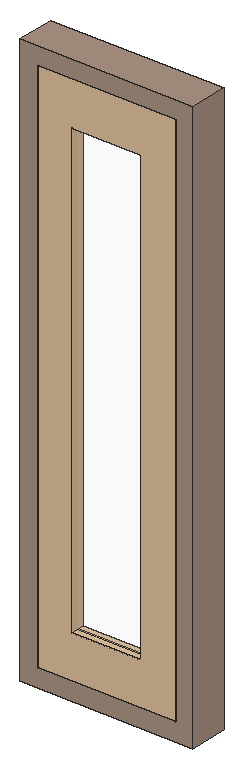
Revit family
Parameters (values of type "450x1500 mm")
  Top Rail = 100 mm
  Stile = 75 mm
  Material of Shutter = Shutter Material
  Material of Panel = Glass (2)
  Height = 1500 mm
  Frame Width = 60 mm
  Frame Depth = 100 mm
  Material of Frame = Frame Material
  Default Sill Height = 800 mm
  Wall Closure = (empty or 0)
  Width = 450 mm
  Bottom Rail = 100 mm
Types (4, lengths in mm): name | Width
  (no name) | 450
  600x1500 mm | 600
  450x1500 mm | 450
  750x1500 mm | 750
Reference planes
  plane 1: y = 0
  plane 2 "Center (Left/Right)": x = 0
  plane 3 "Left": x = -225
  plane 4 "Right": x = 225
  plane 5 "Sill": z = 800
  plane 6 "Head": z = 2300
  plane 7 "Exterior": y = 80
  plane 8 "Interior": y = -70
  plane 9: x = -165
  plane 10: x = 165
  plane 11: y = 50
  plane 12: y = -50
  plane 13: z = 2240
  plane 14: z = 860
  plane 15: x = -90
  plane 16: x = 90
  plane 17: z = 2140
  plane 18: z = 960
  plane 19: z = 1550
Forms (mm)
  Sweep 1, solid, material "Frame Material" <- "Material of Frame"
    path origin (0, 0, 0) x (1, 0, 0) y (0, 0, 1)
      loop
        line (-225, 800) -> (225, 800) -> (225, 2300) -> (-225, 2300) -> (-225, 800)
    profile origin (0, 0, 1550) x (-1, 0, 0) y (0, -1, 0)
      loop
        line (225, 50) -> (180, 50) -> (180, 15) -> (165, 15) -> (165, -50) -> (225, -50) -> (225, 50)
  Extrusion 2, solid, material "Shutter Material" <- "Material of Shutter"
    sketch origin (0, -50, 0) x (1, 0, 0) y (0, 0, 1)
      loop
        line (180, 2255) -> (-180, 2255) -> (-180, 845) -> (180, 845) -> (180, 2255)
      loop
        line (-90, 2140) -> (-90, 960) -> (90, 960) -> (90, 2140) -> (-90, 2140)
    from 0 to -35
  Extrusion 3, solid, material "Glass (2)" <- "Material of Panel"
    sketch origin (0, 0, 960) x (0, -1, 0) y (-1, 0, 0)
      loop
        line (30.5, -90) -> (34.5, -90) -> (34.5, 90) -> (30.5, 90) -> (30.5, -90)
    from 0 to -1180
Lines and regions (mm)
  Opening 1
    outline origin (3500, -70, 0) x (1, 0, 0) y (0, 0, 1)
      loop
        line (-3275, 800) -> (-3275, 2300) -> (-3725, 2300) -> (-3725, 800) -> (-3275, 800)
  symbolic lines, style "WindowsFrameMullionProjection", detail levels medium+fine
    curve 1: line (-165, 50, 0) -> (-225, 50, 0)
    curve 2: line (-225, 50, 0) -> (-225, -50, 0)
    curve 3: line (-225, -50, 0) -> (-180, -50, 0)
    curve 4: line (-180, -50, 0) -> (-180, -15, 0)
    curve 5: line (-180, -15, 0) -> (-165, -15, 0)
    curve 6: line (-165, -15, 0) -> (-165, 50, 0)
    curve 7: line (225, 50, 0) -> (165, 50, 0)
    curve 8: line (165, 50, 0) -> (165, -15, 0)
    curve 9: line (165, -15, 0) -> (180, -15, 0)
    curve 10: line (180, -15, 0) -> (180, -50, 0)
    curve 11: line (180, -50, 0) -> (225, -50, 0)
    curve 12: line (225, 50, 0) -> (225, -50, 0)
  symbolic lines, style "Elevation Swing"
    curve 13: line (-180, 0, 1550) -> (180, 0, 2255)
    curve 14: line (-180, 0, 1550) -> (180, 0, 845)
  symbolic lines, style "Plan Swing"
    curve 15: line (-180, -15, 0) -> (180, -15, 0)
    curve 16: line (-180, -50, 0) -> (180, -50, 0)
  symbolic lines, style "WindowsFrameMullionProjection", detail levels coarse
    curve 17: line (-180, -50, 0) -> (-225, -50, 0)
    curve 18: line (-180, 50, 0) -> (-180, -50, 0)
    curve 19: line (-225, 50, 0) -> (-180, 50, 0)
    curve 20: line (-225, -50, 0) -> (-225, 50, 0)
    curve 21: line (180, -50, 0) -> (225, -50, 0)
    curve 22: line (180, 50, 0) -> (180, -50, 0)
    curve 23: line (225, 50, 0) -> (180, 50, 0)
    curve 24: line (225, -50, 0) -> (225, 50, 0)
Text (mm)
  text "EXTERIOR" at (-1963.203, 1332.353, 0), in view "Ref. Level"
  text "INTERIOR" at (-1981.466, -818.386, 0), in view "Ref. Level"
  text "Exterior" at (0, 923.751, 2943.296), in view "Right"
  text "Exterior" at (0, 1040.484, 2685.409), in view "Left"
Dimensions and locks
  equal spacing: plane 3 "Left", plane 2 "Center (Left/Right)", plane 4 "Right"
  "Width": plane 3 "Left" to plane 4 "Right"
  "Height": plane 5 "Sill" to plane 6 "Head"
  "Default Sill Height": plane 5 "Sill" to level
  locked: plane 7 "Exterior" to host wall at 0
  locked: plane 8 "Interior" to host wall
  locked: Sweep 1 sketch curve to Sweep 1 sketch curve at 15
  locked: Sweep 1 sketch curve to Sweep 1 sketch curve at 35
  "Frame Width": plane 3 "Left" to plane 9
  "Frame Width": plane 10 to plane 4 "Right"
  equal spacing: plane 12, plane 1, plane 11
  "Frame Depth": plane 12 to plane 11
  "Frame Width": plane 6 "Head" to plane 13
  "Frame Width": plane 14 to plane 5 "Sill"
  "Stile": plane 15 to plane 9
  "Stile": plane 10 to plane 16
  "Top Rail": plane 13 to plane 17
  "Bottom Rail": plane 18 to plane 14
  locked: Extrusion 2 to Extrusion 3 sketch curve at 15.5
  locked: Extrusion 3 sketch curve to Extrusion 2 at 15.5
  equal spacing: plane 6 "Head", plane 19, plane 5 "Sill"
  aligned and locked: host wall to Sweep 1 sketch curve
  aligned and locked: Sweep 1 sketch curve to host wall  (x3)
  aligned and locked: plane 12 to Sweep 1 sketch curve
  aligned and locked: Sweep 1 sketch curve to plane 3 "Left"
  aligned and locked: plane 11 to Sweep 1 sketch curve
  aligned and locked: plane 9 to Sweep 1 sketch curve
  aligned and locked: plane 15 to Extrusion 2 sketch curve
  aligned and locked: plane 17 to Extrusion 2 sketch curve
  aligned and locked: plane 18 to Extrusion 2 sketch curve
  aligned and locked: Extrusion 2 sketch curve to plane 16
  aligned and locked: Extrusion 2 to Extrusion 3 sketch curve
  aligned and locked: Extrusion 3 to Extrusion 2  (x2)
  aligned and locked: curve 1 to Sweep 1
  aligned and locked: Sweep 1 to curve 1
  aligned and locked: curve 2 to Sweep 1
  aligned and locked: curve 3 to Sweep 1
  aligned and locked: Sweep 1 to curve 4
  aligned and locked: Sweep 1 to curve 7
  aligned and locked: curve 7 to Sweep 1
  aligned and locked: curve 8 to Sweep 1
  aligned and locked: Sweep 1 to curve 9
  aligned and locked: Sweep 1 to curve 10
  aligned and locked: curve 10 to Sweep 1
  aligned and locked: curve 13 to Sweep 1  (x2)
  aligned and locked: Sweep 1 to curve 14
  aligned and locked: curve 5 to curve 15
  aligned and locked: curve 17 to plane 12
  aligned and locked: Sweep 1 to curve 20
  aligned and locked: curve 20 to Sweep 1
  aligned and locked: curve 24 to Sweep 1
Automatic sketch dimensions
  Opening 1 sketch curve to plane 3 "Left" = 0 mm
  Opening 1 sketch curve to plane 4 "Right" = 0 mm
  Opening 1 sketch curve to plane 5 "Sill" = 0 mm
  Opening 1 sketch curve to plane 6 "Head" = 0 mm
  Extrusion 2 sketch curve to plane 9 = 15 mm
  plane 10 to Extrusion 2 sketch curve = 15 mm
  plane 14 to Extrusion 2 sketch curve = 15 mm
  Extrusion 2 sketch curve to plane 13 = 15 mm
  Extrusion 3 sketch curve to plane 16 = 0 mm
  curve 14 to plane 19 = 0 mm
  curve 13 to plane 13 = 15 mm
  plane 14 to curve 14 = 15 mm
  curve 5 to plane 9 = 15 mm
